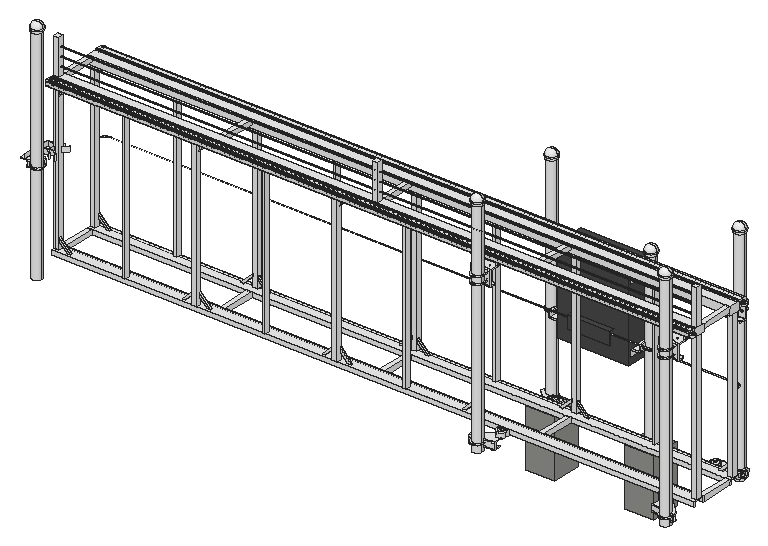
Revit family "Site-Fencing-Tymetal_Corp-Box_Frame_Cantilever_Slide_Gate-Chain_Link-TYM-VS2-1", category Site, Revit 2015 (continued)
Definition of nested family "Fence - Catch Assembly"
  Definition of nested family "Fence - Catch Plate"
    Automatic sketch dimensions
      Extrusion 1 sketch curve to Extrusion 1 sketch curve = 0' - 0.35355"  (x2)
      plane 1 "Center (Front/Back)" to Extrusion 1 sketch curve = 0' - 0.44194"
      plane 3 "Center (Left/Right)" to Extrusion 1 sketch curve = 0' - 0.00354"
      Extrusion 1 sketch curve to Extrusion 1 sketch curve = 0' - 0.17678"  (x5)
      plane 1 "Center (Front/Back)" to Extrusion 1 sketch curve = 0' - 0.66291"
      Extrusion 2 sketch curve to Extrusion 2 sketch curve = 0' - 0"  (x8)
      Extrusion 2 sketch curve to plane 5 = 0' - 0"
      Extrusion 2 sketch curve to plane 4 = 0' - 0"
      Extrusion 2 sketch curve to Extrusion 2 sketch curve = 0' - 0.37304"
      Extrusion 3 sketch curve to Extrusion 3 sketch curve = 0' - 0"  (x8)
      plane 5 to Extrusion 3 sketch curve = 0' - 0"
      plane 4 to Extrusion 3 sketch curve = 0' - 0"
      plane 3 "Center (Left/Right)" to Extrusion 4 sketch curve = 0' - 0.22627"
      plane 3 "Center (Left/Right)" to Extrusion 4 sketch curve = 0' - 0.83969"
      Extrusion 4 sketch curve to Extrusion 4 sketch curve = 0' - 0"  (x7)
      plane 1 "Center (Front/Back)" to Extrusion 4 sketch curve = 0' - 0.83969"  (x2)
      Extrusion 4 sketch curve to Extrusion 4 sketch curve = 0' - 1.32583"  (x2)
      Extrusion 4 sketch curve to Extrusion 4 sketch curve = 0' - 0.35355"  (x2)
      Extrusion 4 sketch curve to plane 3 "Center (Left/Right)" = 0' - 0.2192"
      Extrusion 4 sketch curve to Extrusion 4 sketch curve = 0' - 0.17678"  (x4)
      plane 1 "Center (Front/Back)" to Extrusion 4 sketch curve = 0' - 0.66291"
      plane 1 "Center (Front/Back)" to Extrusion 4 sketch curve = 0' - 1.01647"
      Extrusion 4 sketch curve to plane 1 "Center (Front/Back)" = 0' - 0.2192"
      plane 1 "Center (Front/Back)" to Extrusion 4 sketch curve = 0' - 0.22627"
      plane 3 "Center (Left/Right)" to Masking region 1 sketch curve = 0' - 0.14998"
      Masking region 1 sketch curve to plane 1 "Center (Front/Back)" = 0' - 0.97227"
      plane 3 "Center (Left/Right)" to Masking region 2 sketch curve = 0' - 0.30936"
      plane 3 "Center (Left/Right)" to Masking region 2 sketch curve = 0' - 0.35709"  (x2)
      Masking region 2 sketch curve to Masking region 2 sketch curve = 0' - 0.35377"
      Masking region 2 sketch curve to Masking region 2 sketch curve = 0' - 0.17656"  (x2)
      plane 1 "Center (Front/Back)" to Masking region 2 sketch curve = 0' - 0.30936"
      Masking region 2 sketch curve to Masking region 2 sketch curve = 0' - 0.17678"  (x4)
      plane 1 "Center (Front/Back)" to Masking region 2 sketch curve = 0' - 0.66313"
      Masking region 2 sketch curve to Masking region 2 sketch curve = 0' - 0.62225"
      Masking region 2 sketch curve to Masking region 2 sketch curve = 0' - 0.177"  (x2)
      plane 3 "Center (Left/Right)" to Masking region 2 sketch curve = 0' - 0.00354"
      Masking region 2 sketch curve to Masking region 2 sketch curve = 0' - 0"  (x7)
      plane 1 "Center (Front/Back)" to Masking region 2 sketch curve = 0' - 1.01647"
      Extrusion 1 sketch curve to plane 3 "Center (Left/Right)" = 0' - 0.44194"
      Extrusion 1 sketch curve to plane 1 "Center (Front/Back)" = 0' - 0.2045"
      plane 5 to Extrusion 2 sketch curve = 0' - 0 3/8"
      Extrusion 2 sketch curve to Extrusion 2 sketch curve = 0' - 0 1/8"  (x2)
      Extrusion 2 sketch curve to Extrusion 2 sketch curve = 0' - 0 3/8"
      plane 5 to Extrusion 3 sketch curve = 0' - 0 3/8"
      Extrusion 3 sketch curve to Extrusion 3 sketch curve = 0' - 0 1/8"  (x2)
      Extrusion 3 sketch curve to Extrusion 3 sketch curve = 0' - 0 3/8"
      Extrusion 3 sketch curve to Extrusion 3 sketch curve = 0' - 0.3803"
      Extrusion 4 sketch curve to Extrusion 4 sketch curve = 0' - 0.22274"  (x2)
      Masking region 2 sketch curve to Masking region 2 sketch curve = 0' - 1.28163"
      Extrusion 1 sketch curve to Extrusion 1 sketch curve = 0' - 1.37356"
      Extrusion 4 sketch curve to Extrusion 4 sketch curve = 0' - 1.28163"
      plane 1 "Center (Front/Back)" to Masking region 2 sketch curve = 0' - 1.98874"
      Extrusion 1 sketch curve to Extrusion 1 sketch curve = 0' - 1.2687"
      Extrusion 1 sketch curve to plane 1 "Center (Front/Back)" = 0' - 0.44194"
      Extrusion 1 sketch curve to Extrusion 1 sketch curve = 0' - 1.28163"
      Extrusion 4 sketch curve to plane 1 "Center (Front/Back)" = 0' - 0.44194"
      plane 3 "Center (Left/Right)" to Masking region 2 sketch curve = 0' - 1.98874"
      Masking region 2 sketch curve to plane 1 "Center (Front/Back)" = 0' - 0.2045"
      Masking region 2 sketch curve to plane 3 "Center (Left/Right)" = 0' - 0.97227"
      Masking region 1 sketch curve to plane 3 "Center (Left/Right)" = 0' - 0.97227"
      Masking region 2 sketch curve to Masking region 2 sketch curve = 0' - 0.35355"
      Masking region 2 sketch curve to Masking region 2 sketch curve = 0' - 0 1/2"  (x3)
      plane 1 "Center (Front/Back)" to Masking region 2 sketch curve = 0' - 0.44194"
      Masking region 2 sketch curve to plane 1 "Center (Front/Back)" = 0' - 0.05806"
      Masking region 1 sketch curve to plane 1 "Center (Front/Back)" = 0' - 0.05806"
      Masking region 1 sketch curve to Masking region 1 sketch curve = 0' - 1.97581"
      plane 9 to Masking region 1 sketch curve = 0' - 0"
      plane 13 to Masking region 1 sketch curve = 0' - 0.88236"
      Masking region 2 sketch curve to Masking region 2 sketch curve = 0' - 1.2687"
  Definition of nested family "Fence - Post Bracket"
    Parameters
      Extension Length = 0' - 3"
      Bottom Guide Material = none
    Reference planes (in)
      plane 1 "Center (Front/Back)": y = 0
      plane 2: z = 0
      plane 3 "Center (Left/Right)": x = 0
    Forms (in)
      Sweep 1, solid, material <- "Bottom Guide Material", detail levels medium+fine
        path origin (0, 0, 0) x (1, 0, 0) y (0, 1, 0)
          loop
            line (-2.5, 3) -> (-2.5, 0)
            arc (-2.5, 0) -> (0, -2.5) -> (2.5, 0) r 2.5
            line (2.5, 0) -> (2.5, 3)
        profile origin (0, -2.5, 0) x (0, 1, 0) y (0, 0, 1)
          loop
            circle (0.25, 0) r 0.25
    Lines and regions (in)
      Masking region 1, detail levels medium+fine
        outline origin (0, 0, 0) x (1, 0, 0) y (0, 1, 0)
          loop
            line (-2.5, 3) -> (-2.5, 0)
            arc (-2.5, 0) -> (0, -2.5) -> (2.5, 0) r 2.5
            line (2.5, 0) -> (2.5, 3) -> (2, 3) -> (2, 0)
            arc (2, 0) -> (0, -2) -> (-2, 0) r 2
            line (-2, 0) -> (-2, 3) -> (-2.5, 3)
    Dimensions and locks (in)
      "Extension Length": plane 1 "Center (Front/Back)" to Sweep 1 sketch curve  (x2)
      locked: Masking region 1 sketch curve to Masking region 1 sketch curve at 0.5  (x2)
      aligned and locked: Masking region 1 sketch curve to Sweep 1  (x2)
    Automatic sketch dimensions
      Sweep 1 sketch curve to level = 0' - 0"
      Sweep 1 sketch curve to profile plane = 0' - 0 1/4"
      Masking region 1 sketch curve to Masking region 1 sketch curve = 0' - 0"
      plane 1 "Center (Front/Back)" to Masking region 1 sketch curve = 0' - 0"
      Masking region 1 sketch curve to plane 3 "Center (Left/Right)" = 0' - 0"
      Masking region 1 sketch curve to plane 3 "Center (Left/Right)" = 0' - 2"
      plane 1 "Center (Front/Back)" to Sweep 1 sketch curve = 0' - 0"
      Sweep 1 sketch curve to plane 3 "Center (Left/Right)" = 0' - 0"
      Sweep 1 sketch curve to plane 3 "Center (Left/Right)" = 0' - 2 1/2"
      radius of Sweep 1 sketch curve = 0' - 0 1/4"
  Definition of nested family "Fence - Assembly Latch"
    Parameters
      Post Radius = 0' - 2"
      Catch Assembly Finish = none
    Reference planes (in)
      plane 1 "Center (Front/Back)": y = 0
      plane 2: z = 0
      plane 3 "Center (Left/Right)": x = 0
      plane 4: z = 1.375
      plane 5: z = -1.375
      plane 6: y = 1.68749
      plane 7: y = -1.68749
      plane 8: x = 2.01605
    Forms (in)
      Extrusion 1, solid, material <- "Catch Assembly Finish", detail levels medium+fine
        sketch origin (0, 7.24613, 0) x (1, 0, 0) y (0, 1, 0)
          loop
            line (-2.14946, -3.49665) -> (-0.16054, -5.48551)
            arc (-0.16054, -5.48551) -> (-0.07946, -5.53963) -> (0.01615, -5.55863) r 0.25003
            line (0.01615, -5.55863) -> (2.01605, -5.55863) -> (2.01605, -8.93362) -> (-0.00593, -8.93362)
            arc (-0.00593, -8.93362) -> (-0.10155, -8.95262) -> (-0.18263, -9.00676) r 0.25
            line (-0.18263, -9.00676) -> (-2.17145, -10.99558) -> (-1.99467, -11.17235) -> (-0.00593, -9.18362) -> (2.01607, -9.18362)
            arc (2.01607, -9.18362) -> (2.19285, -9.1104) -> (2.26608, -8.93361) r 0.25001
            line (2.26608, -8.93361) -> (2.26608, -5.5586)
            arc (2.26608, -5.5586) -> (2.19286, -5.38185) -> (2.0161, -5.30863) r 0.24997
            line (2.0161, -5.30863) -> (0.01605, -5.30863) -> (-1.97269, -3.31988) -> (-2.14946, -3.49665)
        from 1.375 to 3.37491
    Lines and regions (in)
      Masking region 1, detail levels coarse
        outline origin (0, 7.24613, 0) x (1, 0, 0) y (0, 1, 0)
          loop
            line (-2.14946, -3.49665) -> (-0.08748, -5.55863) -> (2.01605, -5.55863) -> (2.01605, -8.93362) -> (-0.10949, -8.93362) -> (-2.17145, -10.99558) -> (-1.99467, -11.17235) -> (-0.00594, -9.18362) -> (2.26608, -9.18362) -> (2.26608, -5.30863) -> (0.01612, -5.30863) -> (-1.97266, -3.31985) -> (-2.14946, -3.49665)
      Masking region 2, detail levels medium+fine
        outline origin (0, 7.24613, 0) x (1, 0, 0) y (0, 1, 0)
          loop
            line (-2.14943, -3.49662) -> (-0.16065, -5.4854)
            arc (-0.16065, -5.4854) -> (-0.07953, -5.5396) -> (0.01615, -5.55863) r 0.25003
            line (0.01615, -5.55863) -> (2.01605, -5.55863) -> (2.01605, -8.93362) -> (-0.00593, -8.93362)
            arc (-0.00593, -8.93362) -> (-0.1016, -8.95265) -> (-0.18271, -9.00684) r 0.25
            line (-0.18271, -9.00684) -> (-2.17145, -10.99558) -> (-1.99467, -11.17236) -> (-0.00593, -9.18362) -> (2.01607, -9.18362)
            arc (2.01607, -9.18362) -> (2.19285, -9.1104) -> (2.26608, -8.93361) r 0.25001
            line (2.26608, -8.93361) -> (2.26608, -5.5586)
            arc (2.26608, -5.5586) -> (2.19286, -5.38185) -> (2.0161, -5.30863) r 0.24997
            line (2.0161, -5.30863) -> (0.01605, -5.30863) -> (-1.97269, -3.31989) -> (-2.14943, -3.49662)
    Dimensions and locks (in)
      equal spacing: plane 4, level, plane 5
      locked: plane 4 to plane 5 at 2.75
    Automatic sketch dimensions
      Extrusion 1 sketch curve to plane 3 "Center (Left/Right)" = 0' - 2.17145"
      Extrusion 1 sketch curve to plane 3 "Center (Left/Right)" = 0' - 2.14946"
      Extrusion 1 sketch curve to Extrusion 1 sketch curve = 0' - 0.17678"  (x4)
      Extrusion 1 sketch curve to plane 3 "Center (Left/Right)" = 0' - 0.18263"
      Extrusion 1 sketch curve to plane 3 "Center (Left/Right)" = 0' - 0.16054"
      Extrusion 1 sketch curve to plane 3 "Center (Left/Right)" = 0' - 0.00593"  (x2)
      Extrusion 1 sketch curve to Extrusion 1 sketch curve = 0' - 0"  (x4)
      plane 3 "Center (Left/Right)" to Extrusion 1 sketch curve = 0' - 0.01605"
      plane 3 "Center (Left/Right)" to Extrusion 1 sketch curve = 0' - 0.01615"
      plane 3 "Center (Left/Right)" to Extrusion 1 sketch curve = 0' - 2.01605"
      Extrusion 1 sketch curve to Extrusion 1 sketch curve = 0' - 0.00005"
      Extrusion 1 sketch curve to Extrusion 1 sketch curve = 0' - 0 1/4"
      Extrusion 1 sketch curve to Extrusion 1 sketch curve = 0' - 1.98873"
      Extrusion 1 sketch curve to Extrusion 1 sketch curve = 0' - 0.17686"
      Extrusion 1 sketch curve to Extrusion 1 sketch curve = 0' - 3.37498"
      Extrusion 1 sketch curve to Extrusion 1 sketch curve = 0' - 0.00003"  (x2)
      Extrusion 1 sketch curve to Extrusion 1 sketch curve = 0' - 0.07312"
      Extrusion 1 sketch curve to Extrusion 1 sketch curve = 0' - 1.98886"
      Masking region 1 sketch curve to Masking region 1 sketch curve = 0' - 0.25002"
      plane 3 "Center (Left/Right)" to Masking region 1 sketch curve = 0' - 0.01612"
      Masking region 1 sketch curve to plane 3 "Center (Left/Right)" = 0' - 0.00594"
      Masking region 1 sketch curve to plane 3 "Center (Left/Right)" = 0' - 0.08748"
      Masking region 1 sketch curve to plane 3 "Center (Left/Right)" = 0' - 0.10949"
      Masking region 1 sketch curve to plane 3 "Center (Left/Right)" = 0' - 1 249/256"
      Masking region 1 sketch curve to plane 3 "Center (Left/Right)" = 0' - 1.99467"
      Masking region 1 sketch curve to Masking region 1 sketch curve = 0' - 0.1768"
      Masking region 1 sketch curve to Masking region 1 sketch curve = 0' - 0.17678"  (x2)
      Masking region 1 sketch curve to Masking region 1 sketch curve = 0' - 3 3/8"
      Masking region 1 sketch curve to Masking region 1 sketch curve = 0' - 0 1/4"
      Masking region 2 sketch curve to Masking region 2 sketch curve = 0' - 0.24997"
      Masking region 2 sketch curve to Masking region 2 sketch curve = 0' - 0 1/4"
      Masking region 2 sketch curve to Masking region 2 sketch curve = 0' - 0"  (x3)
      plane 3 "Center (Left/Right)" to Masking region 2 sketch curve = 0' - 0.01615"
      Masking region 2 sketch curve to Masking region 2 sketch curve = 0' - 0.0001"
      Masking region 2 sketch curve to plane 3 "Center (Left/Right)" = 0' - 0.00593"
      Masking region 2 sketch curve to plane 3 "Center (Left/Right)" = 0' - 0.16065"
      Masking region 2 sketch curve to Masking region 2 sketch curve = 0' - 0.17678"  (x3)
      Masking region 2 sketch curve to Masking region 2 sketch curve = 0' - 3 3/8"
      Masking region 2 sketch curve to Masking region 2 sketch curve = 0' - 0.00003"
      Masking region 2 sketch curve to Masking region 2 sketch curve = 0' - 0.07323"
      Masking region 2 sketch curve to plane 3 "Center (Left/Right)" = 0' - 1.97269"
      Masking region 2 sketch curve to Masking region 2 sketch curve = 0' - 0.17674"
      Masking region 2 sketch curve to Masking region 2 sketch curve = 0' - 1.98874"
      plane 1 "Center (Front/Back)" to Extrusion 1 sketch curve = 0' - 3.92623"
      Masking region 1 sketch curve to plane 1 "Center (Front/Back)" = 0' - 3.92627"
      Masking region 1 sketch curve to Masking region 1 sketch curve = 0' - 1.99993"
      Masking region 2 sketch curve to Masking region 2 sketch curve = 0' - 1.9999"
      plane 7 to Masking region 2 sketch curve = 0' - 0"
  Definition of nested family "Fence - Catch"
    Parameters
      Catch Assembly Finish = none
    Reference planes (in)
      plane 1 "Center (Front/Back)": y = 0
      plane 2: z = 0
      plane 3 "Center (Left/Right)": x = 0
      plane 4: y = 1.25
      plane 5: y = -1.25
      plane 6: x = 4.16039
    Forms (in)
      Extrusion 1, solid, material <- "Catch Assembly Finish", detail levels medium+fine
        sketch origin (0, 7.23515, -1.375) x (1, 0, 0) y (0, 1, 0)
          loop
            line (0.03555, -5.17267) -> (3.78539, -5.17267) -> (3.78539, -9.29762) -> (0.03539, -9.29762)
            arc (0.03539, -9.29762) -> (-0.10812, -9.32617) -> (-0.22978, -9.40746) r 0.375
            line (-0.22978, -9.40746) -> (-2.04174, -11.21942) -> (-1.77657, -11.48458) -> (0.03539, -9.67262) -> (3.78542, -9.67262)
            arc (3.78542, -9.67262) -> (4.05063, -9.56277) -> (4.16048, -9.29756) r 0.37506
            line (4.16048, -9.29756) -> (4.16048, -5.17247)
            arc (4.16048, -5.17247) -> (4.05063, -4.90743) -> (3.78555, -4.79766) r 0.37492
            line (3.78555, -4.79766) -> (0.03542, -4.79766) -> (-1.77657, -2.98567) -> (-2.04169, -3.25078) -> (-0.22965, -5.06282)
            arc (-0.22965, -5.06282) -> (-0.10797, -5.14412) -> (0.03555, -5.17267) r 0.37506
        from 1.375 to 3.37491
    Lines and regions (in)
      Masking region 1, detail levels coarse
        outline origin (0, 7.23515, 0) x (1, 0, 0) y (0, 1, 0)
          loop
            line (4.16039, -4.79766) -> (0.03537, -4.79766) -> (-1.7766, -2.98569) -> (-2.04171, -3.2508) -> (-0.11984, -5.17267) -> (3.78539, -5.17267) -> (3.78539, -9.29762) -> (-0.11994, -9.29762) -> (-2.04174, -11.21942) -> (-1.77657, -11.48458) -> (0.0354, -9.67262) -> (4.16039, -9.67262) -> (4.16039, -4.79766)
      Masking region 2, detail levels medium+fine
        outline origin (0, 7.23515, 0) x (1, 0, 0) y (0, 1, 0)
          loop
            line (0.03542, -4.79766) -> (-1.77657, -2.98567) -> (-2.04169, -3.25078) -> (-0.22965, -5.06282)
            arc (-0.22965, -5.06282) -> (-0.10797, -5.14412) -> (0.03555, -5.17267) r 0.37506
            line (0.03555, -5.17267) -> (3.78539, -5.17267) -> (3.78539, -9.29762) -> (0.03539, -9.29762)
            arc (0.03539, -9.29762) -> (-0.10812, -9.32617) -> (-0.22978, -9.40746) r 0.375
            line (-0.22978, -9.40746) -> (-2.04174, -11.21942) -> (-1.77657, -11.48458) -> (0.03539, -9.67262) -> (3.78542, -9.67262)
            arc (3.78542, -9.67262) -> (4.05063, -9.56277) -> (4.16048, -9.29756) r 0.37506
            line (4.16048, -9.29756) -> (4.16048, -5.17247)
            arc (4.16048, -5.17247) -> (4.05063, -4.90743) -> (3.78555, -4.79766) r 0.37492
            line (3.78555, -4.79766) -> (0.03542, -4.79766)
  Definition of nested family "Fence - L Bracket"
    Parameters
      Catch Assembly Finish = none
    Reference planes (in)
      plane 1 "Center (Front/Back)": y = 0
      plane 2: z = 0
      plane 3 "Center (Left/Right)": x = 0
      plane 4: y = -4.875
      plane 5: y = 1.375
      plane 6: y = 3.875
      plane 7: y = 4.875
      plane 8: y = -1.375
      plane 9: y = -3.875
      plane 10: x = 1
      plane 11: x = -1
      plane 12: z = 0.99996
      plane 13: z = 0.25008
      plane 14: z = 1.99991
    Forms (in)
      Extrusion 1, solid, material <- "Catch Assembly Finish", detail levels medium+fine
        sketch origin (-5.16039, 4.79762, 0) x (1, 0, 0) y (0, 0, 1)
          loop
            line (4.53539, 0) -> (6.16039, 0) -> (6.16039, 0.25008) -> (4.53541, 0.25008)
            arc (4.53541, 0.25008) -> (4.44698, 0.2867) -> (4.41036, 0.37512) r 0.12505
            line (4.41036, 0.37512) -> (4.41036, 1.99991) -> (4.16039, 1.99991) -> (4.16039, 0.375)
            arc (4.16039, 0.375) -> (4.27022, 0.10983) -> (4.53539, 0) r 0.375
        from -0.07738 to 9.67262
    Lines and regions (in)
      Masking region 1
        outline origin (-5.16039, 4.79762, 0) x (1, 0, 0) y (0, 1, 0)
          loop
            line (4.16039, -9.67262) -> (6.16039, -9.67262) -> (6.16039, 0.07738) -> (4.16039, 0.07738) -> (4.16039, -9.67262)
      Masking region 2, detail levels medium+fine
        outline origin (-5.16039, 4.79762, -1.375) x (1, 0, 0) y (0, 1, 0)
          loop
            line (4.16039, -9.67262) -> (4.41036, -9.67262) -> (4.41036, 0.07738) -> (4.16039, 0.07738) -> (4.16039, -9.67262)
      Masking region 3, detail levels fine
        outline origin (0, 0, 0) x (1, 0, 0) y (0, 1, 0)
          loop
            arc (-0.21875, 1.375) -> (0, 1.15625) -> (0.21875, 1.375) r 0.21875
            line (0.21875, 1.375) -> (0.21875, 3.875)
            arc (0.21875, 3.875) -> (0, 4.09375) -> (-0.21875, 3.875) r 0.21875
            line (-0.21875, 3.875) -> (-0.21875, 1.375)
    Dimensions and locks (in)
      plane 7 to plane 6 to plane 5 = 0' - 1" locked, 0' - 2 1/2" locked
      equal spacing: plane 7, plane 1 "Center (Front/Back)", plane 4
      locked: plane 7 to plane 4 at 9.75
      equal spacing: plane 11, plane 3 "Center (Left/Right)", plane 10
      locked: plane 11 to plane 10 at 2
      plane 4 to plane 9 to plane 8 = 0' - 1" locked, 0' - 2 1/2" locked
      aligned and locked: plane 7 to Masking region 1
    Automatic sketch dimensions
      Masking region 1 sketch curve to plane 7 = 0' - 0"
      Masking region 1 sketch curve to plane 11 = 0' - 0"
      Masking region 1 sketch curve to plane 10 = 0' - 0"
      plane 4 to Masking region 1 sketch curve = 0' - 0"
      plane 11 to Extrusion 1 sketch curve = 0' - 0"
      Extrusion 1 sketch curve to level = 0' - 0"
      Extrusion 1 sketch curve to plane 10 = 0' - 0"
      Extrusion 1 sketch curve to plane 11 = 0' - 0.24997"
      Extrusion 1 sketch curve to Extrusion 1 sketch curve = 0' - 0.12503"
      Extrusion 1 sketch curve to Extrusion 1 sketch curve = 0' - 0"
      Extrusion 1 sketch curve to Extrusion 1 sketch curve = 0' - 0.25008"
      Masking region 2 sketch curve to plane 7 = 0' - 0"
      Masking region 2 sketch curve to plane 11 = 0' - 0"
      plane 4 to Masking region 2 sketch curve = 0' - 0"
      Masking region 2 sketch curve to Masking region 2 sketch curve = 0' - 0.24997"
      Extrusion 1 sketch curve to Extrusion 1 sketch curve = 0' - 1.62491"
      Masking region 3 sketch curve to plane 5 = 0' - 0"
      Masking region 3 sketch curve to plane 6 = 0' - 0"
      Masking region 3 sketch curve to plane 3 "Center (Left/Right)" = 0' - 0"
      Masking region 3 sketch curve to Masking region 3 sketch curve = 0' - 0 7/32"
Definition of nested family "Fence - Box Frame"
  Parameters
    Tube Ends Width = 0' - 2"
    Primary Member Width = 2' - 0"
    Drive Chain = yes
    Barb Posts [instance] = Frame Length / 8' 7 249/256"  # 3
    Barb Height = 1' - 3"
    Frame Material = none
    Frame Length [instance] = 30' - 0"
    Frame Height Above Grade = 0' - 5"
    Frame Height = 6' - 6"
    Drive Chain Height = 2' - 10"
    Barb Arms and Wires = yes
  Reference planes (in)
    plane 1 "Center (Front/Back)": y = 0
    plane 2: z = 0
    plane 3 "Center (Left/Right)": x = 131
    plane 4: x = -49
    plane 5: x = 311
    plane 6: y = -1
    plane 7: y = 1
    plane 8: z = 78
    plane 9: z = 5
    plane 10: y = 12
    plane 11: y = -12
    plane 12: z = 39
    plane 13: x = -47
    plane 14: y = 10.4834
    plane 15: y = 8.4834
    plane 16: y = -10.5
    plane 17: y = -8.5
    plane 18: z = 93
    plane 19: x = 309
    plane 20: z = 89.25
    plane 21: z = 85.5
    plane 22: z = 81.75
    plane 23 "Wires": y = 9.4834
    plane 24: y = 7
    plane 25: y = -7
  Forms (in)
    Extrusion 1, solid, material <- "Frame Material"
      sketch origin (0, 0, 0) x (1, 0, 0) y (0, 0, 1)
        loop
          line (-49, 74.8125) -> (-49, 7) -> (-47, 7) -> (-47, 74.8125) -> (-49, 74.8125)
        loop
          line (311, 74.8125) -> (309, 74.8125) -> (309, 7) -> (311, 7) -> (311, 74.8125)
      from -10.4834 to -8.4834
    Extrusion 2, solid, material <- "Frame Material", detail levels coarse
      sketch origin (131, 0, 0) x (0, 1, 0) y (0, 0, 1)
        loop
          line (12, 5) -> (12, 7) -> (7, 7) -> (7, 5) -> (12, 5)
        loop
          line (-12, 7) -> (-12, 5) -> (-7, 5) -> (-7, 7) -> (-12, 7)
        loop
          line (12, 74.8125) -> (12, 78) -> (7, 78) -> (7, 74.8125) -> (12, 74.8125)
        loop
          line (-7, 78) -> (-12, 78) -> (-12, 74.8125) -> (-7, 74.8125) -> (-7, 78)
      from -180 to 180
    Extrusion 3, solid, material <- "Frame Material", detail levels medium+fine
      sketch origin (131, 0, 0) x (0, 1, 0) y (0, 0, 1)
        loop
          line (12, 78) -> (7, 78) -> (7, 74.8125) -> (12, 74.8125) -> (12, 75.718) -> (11.875, 75.718) -> (11.875, 76.156) -> (12, 76.156) -> (12, 78)
        loop
          line (12, 7) -> (7, 7) -> (7, 5) -> (7.20658, 5) -> (7.49397, 6.8125) -> (11.50603, 6.8125) -> (11.79342, 5) -> (12, 5) -> (12, 7)
        loop
          line (-12, 7) -> (-12, 5) -> (-11.79342, 5) -> (-11.50603, 6.8125) -> (-7.49397, 6.8125) -> (-7.20658, 5) -> (-7, 5) -> (-7, 7) -> (-12, 7)
        loop
          line (-12, 78) -> (-12, 76.156) -> (-11.875, 76.156) -> (-11.875, 75.718) -> (-12, 75.718) -> (-12, 74.8125) -> (-7, 74.8125) -> (-7, 78) -> (-12, 78)
      from -180 to 180
    Extrusion 4, solid, material <- "Frame Material"
      sketch origin (0, 0, 0) x (1, 0, 0) y (0, 0, 1)
        loop
          line (309, 74.8125) -> (309, 7) -> (311, 7) -> (311, 74.8125) -> (309, 74.8125)
        loop
          line (-49, 74.8125) -> (-49, 7) -> (-47, 7) -> (-47, 74.8125) -> (-49, 74.8125)
      from 8.5 to 10.5
    Sweep 5, solid, material <- "Frame Material", visible <- "Drive Chain", detail levels medium+fine
      path origin (0, 0, 0) x (1, 0, 0) y (0, 1, 0)
        loop
          line (-48, -10.5) -> (-48, -12.375)
          arc (-48, -12.375) -> (-47.42818, -13.75551) -> (-46.04767, -14.32733) r 1.95233
          line (-46.04767, -14.32733) -> (308.04767, -14.32733)
          arc (308.04767, -14.32733) -> (309.42818, -13.75551) -> (310, -12.375) r 1.95233
          line (310, -12.375) -> (310, -10.5)
      profile origin (131, -14.32733, 0) x (0, 1, 0) y (0, 0, 1)
        loop
          line (0, 39) -> (-0.125, 39) -> (-0.125, 38.93085) -> (0, 38.93085) -> (0, 39)
    Extrusion 6, solid, material <- "Frame Material", detail levels medium+fine
      sketch origin (131, 0, 0) x (0, 1, 0) y (0, 0, 1)
        loop
          line (7, 78) -> (-7, 78) -> (-7, 76) -> (7, 76) -> (7, 78)
        loop
          line (7, 5) -> (7, 7) -> (-7, 7) -> (-7, 5) -> (7, 5)
      from 178 to 180
    Extrusion 7, solid, material <- "Frame Material", detail levels medium+fine
      sketch origin (86, 0, 0) x (0, 1, 0) y (0, 0, -1)
        loop
          line (7, -78) -> (7, -76) -> (-7, -76) -> (-7, -78) -> (7, -78)
        loop
          line (7, -5) -> (-7, -5) -> (-7, -7) -> (7, -7) -> (7, -5)
      from 133 to 135
    Extrusion 8, solid, material <- "Frame Material", visible <- "Barb Arms and Wires", detail levels medium+fine
      sketch origin (131, 0, 0) x (0, 1, 0) y (0, 0, 1)
        loop
          circle (9.4834, 89.25) r 0.25
        loop
          circle (9.4834, 85.5) r 0.25
        loop
          circle (9.4834, 81.75) r 0.25
      from -178 to 178
  Lines and regions (in)
    Masking region 1
      outline origin (0, 0, 0) x (1, 0, 0) y (0, 1, 0)
        loop
          line (311, 12) -> (-49, 12) -> (-49, 7) -> (311, 7) -> (311, 12)
        loop
          line (311, -7) -> (-49, -7) -> (-49, -12) -> (311, -12) -> (311, -7)
    Masking region 2
      outline origin (0, 0, 0) x (1, 0, 0) y (0, 1, 0)
        loop
          line (-49, 7) -> (-49, -7) -> (-47, -7) -> (-47, 7) -> (-49, 7)
        loop
          line (309, 7) -> (309, -7) -> (311, -7) -> (311, 7) -> (309, 7)
    model lines, visible <- "Barb Arms and Wires", detail levels coarse
      curve 1: line (-47, 9.4834, 89.25) -> (309, 9.4834, 89.25)
      curve 2: line (-47, 9.4834, 85.5) -> (309, 9.4834, 85.5)
      curve 3: line (-47, 9.4834, 81.75) -> (309, 9.4834, 81.75)
  Dimensions and locks (in)
    equal spacing: plane 4, plane 3 "Center (Left/Right)", plane 5
    "Frame Length": plane 4 to plane 5
    equal spacing: plane 7, plane 1 "Center (Front/Back)", plane 6
    "Tube Ends Width": plane 7 to plane 6
    "Frame Height Above Grade": plane 9 to level
    "Tube Ends Width": Extrusion 1 sketch curve to plane 4
    "Tube Ends Width": plane 5 to Extrusion 1 sketch curve
    equal spacing: plane 11, plane 1 "Center (Front/Back)", plane 10
    "Primary Member Width": plane 11 to plane 10
    "Drive Chain Height": plane 12 to plane 9
    locked: plane 4 to plane 13 at 2
    plane 10 to plane 14 to plane 15 = 0' - 1.5166" locked, 0' - 2" locked
    plane 17 to plane 16 to plane 11 = 0' - 2" locked, 0' - 1 1/2" locked
    "Frame Height": plane 8 to level
    Sweep 5 sketch curve to Sweep 5 sketch curve to Sweep 5 sketch curve to plane 11 = 0' - 1.95233" locked, 0' - 0" locked, 0' - 0 3/8" locked
    Sweep 5 sketch curve to Sweep 5 sketch curve to plane 5 = 0' - 1.95233" locked, 0' - 1" locked
    plane 4 to Sweep 5 sketch curve to Sweep 5 sketch curve = 0' - 1" locked, 0' - 1.95233" locked
    locked: plane 12 to Sweep 5 sketch curve at 0.06915
    locked: profile plane to Sweep 5 sketch curve at 0.125
    "Barb Height": plane 18 to plane 8
    locked: plane 19 to plane 5 at 2
    locked: plane 8 to Extrusion 3 sketch curve at 3.1875
    Extrusion 3 sketch curve to Extrusion 3 sketch curve to plane 9 = 0' - 0 3/16" locked, 0' - 1 13/16" locked
    locked: Extrusion 2 sketch curve to plane 9 at 2
    locked: plane 8 to Extrusion 6 sketch curve at 2
    locked: plane 8 to Extrusion 7 sketch curve at 2
    equal spacing: plane 18, plane 20, plane 21, plane 22, plane 8
    equal spacing: plane 14, plane 23 "Wires", plane 15
    equal spacing: group 1, group 3, group 2  (x3)
    locked: plane 24 to plane 10 at 5
    locked: plane 11 to plane 25 at 5
    plane 10 to Extrusion 3 sketch curve to Extrusion 3 sketch curve = 0' - 0.20658" locked, 0' - 0.28739" locked
    Extrusion 3 sketch curve to Extrusion 3 sketch curve to plane 24 = 0' - 0.28739" locked, 0' - 0.20658" locked
    plane 25 to Extrusion 3 sketch curve to Extrusion 3 sketch curve = 0' - 0.20658" locked, 0' - 0.28739" locked
    Extrusion 3 sketch curve to Extrusion 3 sketch curve to plane 11 = 0' - 0.28739" locked, 0' - 0.20658" locked
    aligned and locked: plane 9 to Extrusion 2 sketch curve
    aligned and locked: plane 10 to Extrusion 2 sketch curve
    aligned and locked: plane 11 to Extrusion 2 sketch curve
    aligned and locked: plane 10 to Extrusion 3 sketch curve
    aligned and locked: plane 5 to Extrusion 3
    aligned and locked: plane 5 to Extrusion 2
    aligned and locked: plane 4 to nested 1
    aligned and locked: plane 5 to nested 1
    aligned and locked: plane 8 to nested 1
    aligned and locked: plane 10 to nested 1
    aligned and locked: nested 2 to plane 8
    aligned and locked: plane 11 to nested 2
    aligned and locked: nested 2 to plane 4
    aligned and locked: nested 2 to plane 5
    aligned and locked: Extrusion 3 sketch curve to plane 8  (x2)
    aligned and locked: plane 15 to Extrusion 1
    aligned and locked: Extrusion 1 to plane 14
    aligned and locked: Extrusion 4 sketch curve to Extrusion 1  (x8)
    aligned and locked: plane 16 to Extrusion 4
    aligned and locked: Extrusion 4 to plane 17
    aligned and locked: Sweep 5 sketch curve to plane 12
    aligned and locked: Extrusion 3 to plane 4
    aligned and locked: Extrusion 3 sketch curve to Extrusion 3 sketch curve  (x3)
    aligned and locked: Extrusion 3 sketch curve to plane 9  (x4)
    aligned and locked: Extrusion 2 sketch curve to plane 9
    aligned and locked: Extrusion 2 sketch curve to Extrusion 2 sketch curve  (x2)
    aligned and locked: plane 8 to Extrusion 2 sketch curve  (x2)
    aligned and locked: Extrusion 2 to plane 4
    aligned and locked: Extrusion 2 to Extrusion 6 sketch curve  (x3)
    aligned and locked: Extrusion 6 sketch curve to Extrusion 2  (x4)
    aligned and locked: plane 5 to Extrusion 6
    aligned and locked: Extrusion 1 to Extrusion 6
    aligned and locked: Extrusion 7 to plane 4
    aligned and locked: plane 13 to Extrusion 7
    aligned and locked: Extrusion 7 sketch curve to Extrusion 3  (x2)
    aligned and locked: Extrusion 7 sketch curve to plane 9
    aligned and locked: Extrusion 7 sketch curve to plane 8
    aligned and locked: Extrusion 3 to Extrusion 7 sketch curve
    aligned and locked: Masking region 1 sketch curve to plane 10
    aligned and locked: Masking region 1 sketch curve to plane 11
    aligned and locked: Masking region 1 sketch curve to plane 4  (x2)
    aligned and locked: Masking region 1 sketch curve to plane 5  (x2)
    aligned and locked: Extrusion 7 to Masking region 2 sketch curve  (x2)
    aligned and locked: Masking region 2 sketch curve to Extrusion 7
    aligned and locked: Extrusion 6 to Masking region 2 sketch curve  (x2)
    aligned and locked: Masking region 2 sketch curve to Extrusion 6
    aligned and locked: plane 20 to Extrusion 8 sketch curve
    aligned and locked: plane 23 "Wires" to Extrusion 8 sketch curve  (x3)
    aligned and locked: plane 22 to Extrusion 8 sketch curve
    aligned and locked: plane 21 to Extrusion 8 sketch curve
    aligned and locked: Extrusion 8 to plane 13
    aligned and locked: plane 19 to Extrusion 8
    aligned and locked: nested 3 to plane 8
    aligned and locked: nested 3 to plane 23 "Wires"
    aligned and locked: nested 3 to plane 4
    aligned and locked: plane 5 to nested 4  (x2)
    aligned and locked: plane 8 to nested 4
    aligned and locked: nested 4 to plane 23 "Wires"
    aligned and locked: curve 1 to plane 20
    aligned and locked: curve 2 to plane 21
    aligned and locked: curve 3 to plane 22
    aligned and locked: plane 13 to curve 1
    aligned and locked: plane 13 to curve 2
    aligned and locked: plane 13 to curve 3
    aligned and locked: plane 19 to curve 1
    aligned and locked: plane 19 to curve 2
    aligned and locked: plane 19 to curve 3
    aligned and locked: Masking region 2 sketch curve to Extrusion 3  (x2)
    aligned and locked: plane 24 to Masking region 1 sketch curve
    aligned and locked: Masking region 1 sketch curve to plane 25
    aligned and locked: plane 24 to Extrusion 3 sketch curve
    aligned and locked: plane 25 to Extrusion 3 sketch curve
    aligned and locked: Extrusion 3 sketch curve to plane 24
    aligned and locked: Extrusion 3 sketch curve to plane 10
    aligned and locked: Extrusion 3 sketch curve to plane 25
    aligned and locked: Extrusion 3 sketch curve to plane 11
  Automatic sketch dimensions
    Extrusion 2 sketch curve to plane 11 = 0' - 0"
    Extrusion 2 sketch curve to plane 10 = 0' - 0"
    Extrusion 2 sketch curve to plane 17 = 0' - 1 1/2"
    plane 15 to Extrusion 2 sketch curve = 0' - 1.4834"
    Extrusion 2 sketch curve to Extrusion 2 sketch curve = 0' - 3 3/16"
    Extrusion 3 sketch curve to plane 11 = 0' - 0"  (x2)
    Extrusion 3 sketch curve to plane 10 = 0' - 0"
    Extrusion 3 sketch curve to Extrusion 3 sketch curve = 0' - 0 1/8"
    plane 10 to Extrusion 3 sketch curve = 0' - 0 1/8"
    Extrusion 3 sketch curve to Extrusion 3 sketch curve = 0' - 0.9055"  (x2)
    Extrusion 3 sketch curve to Extrusion 3 sketch curve = 0' - 0.438"  (x2)
    plane 16 to Sweep 5 sketch curve = 0' - 0"  (x2)
    Sweep 5 sketch curve to profile plane = 0' - 0"
    Extrusion 2 sketch curve to plane 25 = 0' - 0"
    Extrusion 7 sketch curve to plane 25 = 0' - 0"
    Extrusion 2 sketch curve to plane 24 = 0' - 0"
    Extrusion 7 sketch curve to plane 24 = 0' - 0"
    Extrusion 1 sketch curve to plane 4 = 0' - 0"
    Extrusion 1 sketch curve to plane 5 = 0' - 0"
    plane 9 to Extrusion 1 sketch curve = 0' - 2"  (x2)
    Extrusion 1 sketch curve to plane 8 = 0' - 3 3/16"  (x2)
    radius of Extrusion 8 sketch curve = 0' - 0 1/4"  (x3)
  Nested families (in)
    nested 1: "Fence - Track" at (131, 13.125, 78), type "Fence - Track"
      with Length 30' - 0"
    nested 2: "Fence - Track" at (131, -13.125, 78), type "Fence - Track"
      with Length 30' - 0"
    nested 3: "Fence - Barb Post" at (-48, 9.4834, 78), visible <- "Barb Arms and Wires", type "Fence - Barb Post"
      with Barb Height 1' - 3"
    nested 4: "Fence - Barb Post" at (310, 9.4834, 78), visible <- "Barb Arms and Wires", type "Fence - Barb Post"
      with Barb Height 1' - 3"
    nested 5: "Fence - Barb Post" at (131, 9.4834, 78), visible <- "Barb Arms and Wires", type "Fence - Barb Post"
      with Barb Height 1' - 3"
  Definition of nested family "Fence - Track"
    Parameters
      Track Material = none
      Length [instance] = 2' - 0"
    Reference planes (in)
      plane 1 "Center (Front/Back)": y = 0
      plane 2: z = 0
      plane 3 "Center (Left/Right)": x = 0
      plane 4: z = -3
      plane 5: y = -1.875
      plane 6: y = 1.875
      plane 7: z = 0.3125
      plane 8: z = -1.34375
      plane 9: y = -1.125
      plane 10: z = -1.75
      plane 11: y = 0.375
      plane 12: x = -12
      plane 13: x = 12
    Forms (in)
      Extrusion 1, solid, material <- "Track Material", detail levels coarse
        sketch origin (0, 0, 0) x (0, 1, 0) y (0, 0, 1)
          loop
            line (1.875, 0.3125) -> (-1.875, 0.3125) -> (-1.875, 0) -> (-1.125, 0) -> (-1.125, -3) -> (-0.937, -3) -> (-0.937, -2) -> (-0.3125, -2) -> (-0.3125, -1.75) -> (-0.937, -1.75) -> (-0.937, -0.094) -> (1.563, -0.094) -> (1.563, -1.75) -> (0.9375, -1.75) -> (0.9375, -2) -> (1.875, -2) -> (1.875, 0.3125)
        from -12 to 12
      Extrusion 2, solid, material <- "Track Material", detail levels medium+fine
        sketch origin (0, 0, 0) x (0, 1, 0) y (0, 0, 1)
          loop
            arc (1.875, 0.062) -> (1.83839, 0.15039) -> (1.75, 0.187) r 0.125
            line (1.75, 0.187) -> (1.10832, 0.187) -> (1.03615, 0.312) -> (-1.0272, 0.312) -> (-1.063, 0.25) -> (-1.687, 0.25)
            arc (-1.687, 0.25) -> (-1.81994, 0.19494) -> (-1.875, 0.062) r 0.188
            line (-1.875, 0.062) -> (-1.875, 0) -> (-1.125, 0) -> (-1.125, -0.25) -> (-1.063, -0.312) -> (-1.063, -0.813) -> (-1.125, -0.875) -> (-1.125, -1) -> (-1.063, -1.062) -> (-1.063, -1.438) -> (-1.125, -1.5) -> (-1.125, -1.844) -> (-1.25, -1.844) -> (-1.25, -2.282) -> (-1.125, -2.282) -> (-1.125, -3) -> (-1.062, -3)
            arc (-1.062, -3) -> (-0.97361, -2.96339) -> (-0.937, -2.875) r 0.125
            line (-0.937, -2.875) -> (-0.937, -2.34871)
            arc (-0.937, -2.34871) -> (-0.89692, -2.21293) -> (-0.78952, -2.12069) r 0.25
            line (-0.78952, -2.12069) -> (-0.312, -1.906) -> (-0.312, -1.781) -> (-0.875, -1.781)
            arc (-0.875, -1.781) -> (-0.91884, -1.76284) -> (-0.937, -1.719) r 0.062
            line (-0.937, -1.719) -> (-0.937, -0.156)
            arc (-0.937, -0.156) -> (-0.91884, -0.11216) -> (-0.875, -0.094) r 0.062
            line (-0.875, -0.094) -> (-0.312, -0.094) -> (-0.22193, 0.062) -> (0.84793, 0.062) -> (0.938, -0.094) -> (1.501, -0.094)
            arc (1.501, -0.094) -> (1.54484, -0.11216) -> (1.563, -0.156) r 0.062
            line (1.563, -0.156) -> (1.563, -1.719)
            arc (1.563, -1.719) -> (1.54484, -1.76284) -> (1.501, -1.781) r 0.062
            line (1.501, -1.781) -> (0.938, -1.781) -> (0.938, -1.906) -> (1.313, -2) -> (1.625, -2)
            arc (1.625, -2) -> (1.7098, -1.96684) -> (1.7496, -1.88494) r 0.125
            line (1.7496, -1.88494) -> (1.875, -0.313) -> (1.875, 0.062)
        from -12 to 12
    Lines and regions (in)
      Masking region 1
        outline origin (0, 0, 0) x (1, 0, 0) y (0, 1, 0)
          loop
            line (-12, 1.875) -> (-12, -1.875) -> (12, -1.875) -> (12, 1.875) -> (-12, 1.875)
    Dimensions and locks (in)
      equal spacing: plane 6, plane 1 "Center (Front/Back)", plane 5
      locked: plane 6 to plane 5 at 3.75
      equal spacing: plane 7, plane 8, plane 4
      locked: plane 7 to plane 4 at 3.3125
      locked: plane 7 to level at 0.3125
      locked: plane 9 to plane 5 at 0.75
      locked: plane 10 to plane 4 at 1.25
      equal spacing: plane 6, plane 11, plane 9
      equal spacing: plane 12, plane 3 "Center (Left/Right)", plane 13
      "Length": plane 12 to plane 13
      aligned and locked: plane 6 to Extrusion 1 sketch curve
      aligned and locked: plane 7 to Extrusion 1 sketch curve
      aligned and locked: plane 5 to Extrusion 1 sketch curve
      aligned and locked: level to Extrusion 1 sketch curve
      aligned and locked: plane 9 to Extrusion 1 sketch curve
      aligned and locked: plane 4 to Extrusion 1 sketch curve
      aligned and locked: plane 10 to Extrusion 1 sketch curve
      aligned and locked: plane 13 to Extrusion 2
      aligned and locked: Extrusion 2 to plane 12
      aligned and locked: Extrusion 1 to Extrusion 2  (x2)
      aligned and locked: Masking region 1 sketch curve to Extrusion 1  (x4)
    Automatic sketch dimensions
      Extrusion 1 sketch curve to plane 10 = 0' - 0"
      Extrusion 1 sketch curve to plane 9 = 0' - 0.188"  (x2)
      plane 1 "Center (Front/Back)" to Extrusion 1 sketch curve = 0' - 0 5/16"
      Extrusion 1 sketch curve to plane 11 = 0' - 0 9/16"
      plane 6 to Extrusion 1 sketch curve = 0' - 0.312"
      Extrusion 1 sketch curve to Extrusion 1 sketch curve = 0' - 0 1/4"
      Extrusion 2 sketch curve to level = 0' - 0"
      Extrusion 2 sketch curve to plane 5 = 0' - 0"
      Extrusion 2 sketch curve to plane 9 = 0' - 0"  (x4)
      Extrusion 2 sketch curve to plane 4 = 0' - 0"
      Extrusion 2 sketch curve to plane 6 = 0' - 0"
      level to Extrusion 2 sketch curve = 0' - 0.062"  (x3)
      Extrusion 2 sketch curve to plane 5 = 0' - 0.188"
      Extrusion 2 sketch curve to Extrusion 2 sketch curve = 0' - 0 1/8"  (x3)
      Extrusion 2 sketch curve to plane 9 = 0' - 0.062"  (x3)
      Extrusion 2 sketch curve to plane 9 = 0' - 0.063"
      Extrusion 2 sketch curve to plane 7 = 0' - 0.0005"
      Extrusion 2 sketch curve to Extrusion 2 sketch curve = 0' - 0.0358"
      Extrusion 2 sketch curve to plane 9 = 0' - 0.188"  (x2)
      Extrusion 2 sketch curve to Extrusion 2 sketch curve = 0' - 0.062"  (x7)
      Extrusion 2 sketch curve to Extrusion 2 sketch curve = 0' - 0.14748"
      Extrusion 2 sketch curve to Extrusion 2 sketch curve = 0' - 0 1/4"
      plane 1 "Center (Front/Back)" to Extrusion 2 sketch curve = 0' - 0.312"  (x2)
      Extrusion 2 sketch curve to level = 0' - 0.094"  (x2)
      Extrusion 2 sketch curve to Extrusion 2 sketch curve = 0' - 0.09007"  (x2)
      Extrusion 2 sketch curve to plane 1 "Center (Front/Back)" = 0' - 0.84793"
      Extrusion 2 sketch curve to plane 8 = 0' - 0.43725"
      plane 6 to Extrusion 2 sketch curve = 0' - 0.937"
      Extrusion 2 sketch curve to Extrusion 2 sketch curve = 0' - 0.18822"
      Extrusion 2 sketch curve to Extrusion 2 sketch curve = 0' - 0.07217"
      Extrusion 2 sketch curve to Extrusion 2 sketch curve = 0' - 0 3/8"
      Extrusion 2 sketch curve to level = 0' - 0.156"
      plane 6 to Extrusion 2 sketch curve = 0' - 0.374"
      plane 6 to Extrusion 2 sketch curve = 0' - 0 1/4"
      Extrusion 2 sketch curve to Extrusion 2 sketch curve = 0' - 0.1246"
      plane 6 to Extrusion 2 sketch curve = 0' - 0 1/8"
      Extrusion 2 sketch curve to Extrusion 2 sketch curve = 0' - 0.52629"
      Extrusion 2 sketch curve to Extrusion 2 sketch curve = 0' - 0.06671"
      Extrusion 2 sketch curve to Extrusion 2 sketch curve = 0' - 0.219"
      Extrusion 2 sketch curve to Extrusion 2 sketch curve = 0' - 0.21469"
      Extrusion 2 sketch curve to Extrusion 2 sketch curve = 0' - 0.11506"
      Extrusion 2 sketch curve to Extrusion 2 sketch curve = 0' - 0.27669"
      Extrusion 2 sketch curve to Extrusion 2 sketch curve = 0' - 0.063"
      Extrusion 2 sketch curve to plane 8 = 0' - 0 5/32"
      plane 8 to Extrusion 2 sketch curve = 0' - 0.28175"
      Extrusion 2 sketch curve to level = 0' - 0.313"
      Extrusion 2 sketch curve to Extrusion 2 sketch curve = 0' - 0.156"
      Extrusion 1 sketch curve to level = 0' - 0.094"
      Extrusion 1 sketch curve to plane 10 = 0' - 0 1/4"
  Definition of nested family "Fence - Barb Post"
    Parameters
      Finish = none
      Barb Height = 1' - 2.1147"
    Reference planes (in)
      plane 1 "Center (Front/Back)": y = 0
      plane 2: z = 0
      plane 3 "Center (Left/Right)": x = 0
      plane 4: z = 14.1147
    Forms (in)
      Extrusion 1, solid, material <- "Finish"
        sketch origin (0, 0, 0) x (1, 0, 0) y (0, 1, 0)
          loop
            line (-1, 1) -> (-1, -1) -> (1, -1) -> (1, 1) -> (-1, 1)
        from 0 to 14.1147
    Lines and regions (in)
      Masking region 1
        outline origin (0, 0, 0) x (1, 0, 0) y (0, 1, 0)
          loop
            line (1, 1) -> (-1, 1) -> (-1, -1) -> (1, -1) -> (1, 1)
    Dimensions and locks (in)
      Extrusion 1 sketch curve to plane 1 "Center (Front/Back)" to Extrusion 1 sketch curve = 0' - 1" locked, 0' - 1" locked
      Extrusion 1 sketch curve to plane 3 "Center (Left/Right)" to Extrusion 1 sketch curve = 0' - 1" locked, 0' - 1" locked
      "Barb Height": plane 4 to level
      aligned and locked: Masking region 1 sketch curve to Extrusion 1  (x4)
      aligned and locked: plane 4 to Extrusion 1
      aligned and locked: Extrusion 1 to level
Definition of nested family "Fence - 2x2"
  Parameters
    Picket Material = none
    Height Above Grade = 0' - 5"
    Nominal Gate Height = 7' - 11 11/16"
    Frame Height = 0' - 2 19/256"  # constant formula
    Barb Height = 0' - 6"
  Reference planes (in)
    plane 1 "Center (Front/Back)": y = 0
    plane 2: z = 0
    plane 3 "Center (Left/Right)": x = 0
    plane 4: x = -1
    plane 5: x = 1
    plane 6: y = 0.5
    plane 7: y = -0.5
    plane 8: z = 101.6875
    plane 9: z = 5
    plane 10: z = 95.6875
    plane 11: y = 1
    plane 12: y = -1
    plane 13: z = 7
    plane 14: z = 46
    plane 15: z = 93.61328
  Forms (in)
    Extrusion 1, solid, material <- "Picket Material"
      sketch origin (0, 0, 0) x (1, 0, 0) y (0, 1, 0)
        loop
          line (-1, 1) -> (-1, -1) -> (1, -1) -> (1, 1) -> (-1, 1)
      from 7 to 93.61328
  Lines and regions (in)
    Masking region 1
      outline origin (0, 0, 0) x (1, 0, 0) y (0, 1, 0)
        loop
          line (-1, 1) -> (-1, -1) -> (1, -1) -> (1, 1) -> (-1, 1)
  Dimensions and locks (in)
    equal spacing: plane 4, plane 3 "Center (Left/Right)", plane 5
    locked: plane 4 to plane 5 at 2
    "Height Above Grade": plane 9 to level
    "Barb Height": plane 8 to plane 10
    equal spacing: plane 11, plane 1 "Center (Front/Back)", plane 12
    locked: plane 11 to plane 12 at 2
    "Frame Height": plane 10 to plane 15
    locked: plane 13 to plane 9 at 2
    "Nominal Gate Height": plane 10 to level
    aligned and locked: Extrusion 1 sketch curve to plane 11
    aligned and locked: plane 4 to Extrusion 1 sketch curve
    aligned and locked: plane 12 to Extrusion 1 sketch curve
    aligned and locked: Extrusion 1 sketch curve to plane 5
    aligned and locked: Extrusion 1 to plane 13
    aligned and locked: plane 15 to Extrusion 1
    aligned and locked: Masking region 1 sketch curve to Extrusion 1  (x4)
Definition of nested family "Site-Fencing-Tymetal_Corp-Gate_Operator-TYM-VS2-1"
  Parameters
    URL = "http://www.tymetal.com/"
    Product Page URL = "http://www.tymetal.com/resources/downloads-tym-vs21b-box-frame-gate-system/"
    Product Documentation Link = "http://www.tymetal.com/wp-content/uploads/2013/05/TYM-VS2-Operator.pdf"
    Post Material = none
    Post Height = 7' - 5 1/16"
    Pad Material = none
    Operator Width = 2' - 6"  # constant formula
    Operator Pad Width = 1' - 0"  # constant formula
    Operator Pad Minimum Depth = if(Operator Pad Depth < 2' 0", 2' 0", Operator Pad Depth)  # 2' - 0"
    Operator Pad Length = 1' - 0"  # constant formula
    Operator Pad Depth = 2' - 0"  # constant formula
    Operator Overall Height = 2' - 11 249/256"  # constant formula
    Operator Material = none
    Operator Length = 1' - 0"  # constant formula
    Model = "TYM VS2-1"
    Maximum Cycles = "Continuous Duty"  # constant formula
    Manufacturer = "Tymetal Corp."  # constant formula
    Gate Weight (Max) = "2500"
    Gate Speed = "2 ft / sec"  # constant formula
    Gate Opening (Max) = "60 ft"
    Drive Type = "#50 Chain"  # constant formula
    Description = "Slide Gate Operator"  # constant formula
    Post Radius = 0' - 2"  # constant formula
    Chain Height = 2' - 10 1/2"
    Below Ground Depth = 1' - 6"  # constant formula
    Assembly Code = "G2040100"
  Reference planes (in)
    plane 1 "Center (Front/Back)": y = 0
    plane 2: z = 0
    plane 3 "Center (Left/Right)": x = 0
    plane 4: x = -6
    plane 5 "Pad Right": x = 6
    plane 6 "Operator Pad Back": y = 6
    plane 7 "Operator Pad Front": y = -6
    plane 8: z = -24
    plane 9: z = 0
    plane 10: y = 0
    plane 11: z = -18
    plane 12: x = 2
    plane 13: x = 41.7186
    plane 14: x = 35.7186
    plane 15: x = 47.7186
    plane 16: z = 29
    plane 17: z = 64.97266
    plane 18: x = 20.8593
    plane 19: x = 5.8593
    plane 20: x = 35.8593
    plane 21: y = -4.1291
    plane 22: y = 7.8709
    plane 23: x = 12.1093
    plane 24: x = 29.6093
    plane 25: y = -7.3166
    plane 26: z = 34.5
    plane 27: z = 63.97646
    plane 28: z = 36.4685
  Forms (in)
    Extrusion 1, solid, material <- "Pad Material"
      sketch origin (0, 0, 0) x (1, 0, 0) y (0, 1, 0)
        loop
          line (-6, 6) -> (-6, -6) -> (6, -6) -> (6, 6) -> (-6, 6)
        loop
          line (35.7186, 6) -> (35.7186, -6) -> (47.7186, -6) -> (47.7186, 6) -> (35.7186, 6)
      from -24 to 0
    Extrusion 2, void
      sketch origin (-34.04501, -180, 38.25) x (0, -1, 0) y (-1, 0, 0)
        loop
          circle (-180, -34.04501) r 2
        loop
          circle (-180, -75.76361) r 2
      from 38.25 to 56.25
    Extrusion 3, solid, material <- "Operator Material"
      sketch origin (0, 0, 0) x (1, 0, 0) y (0, 0, 1)
        loop
          line (5.8593, 64.97266) -> (5.8593, 29) -> (35.8593, 29) -> (35.8593, 64.97266) -> (5.8593, 64.97266)
      from -7.8709 to 4.1291
    Extrusion 4, solid, material <- "Operator Material"
      sketch origin (0, 0, 0) x (0, 1, 0) y (0, 0, 1)
        loop
          line (-4.1291, 40.75) -> (-6.6291, 40.75) -> (-6.6291, 35.5) -> (-6.5666, 35.5) -> (-6.5666, 40.6875) -> (-4.1291, 40.6875) -> (-4.1291, 40.75)
      from 12.1093 to 29.6093
  Cuts and joins
    Extrusion 2 cuts Extrusion 1
    joined: Extrusion 3, Extrusion 4
  Lines and regions (in)
    Masking region 1
      outline origin (0, 0, 0) x (1, 0, 0) y (0, 1, 0)
        loop
          line (6, 6) -> (-6, 6) -> (-6, -6) -> (6, -6) -> (6, 6)
        loop
          line (47.7186, 6) -> (35.7186, 6) -> (35.7186, -6) -> (47.7186, -6) -> (47.7186, 6)
    Masking region 2
      outline origin (0, 0, 0) x (1, 0, 0) y (0, 1, 0)
        loop
          line (35.8593, 7.8709) -> (5.8593, 7.8709) -> (5.8593, -4.1291) -> (12.1093, -4.1291) -> (12.1093, -6.6291) -> (29.6093, -6.6291) -> (29.6093, -4.1291) -> (35.8593, -4.1291) -> (35.8593, 7.8709)
    symbolic lines, detail levels medium+fine
      curve 1: line (12.1093, -4.1291, 0) -> (29.6093, -4.1291, 0)
  Dimensions and locks (in)
    equal spacing: plane 4, plane 3 "Center (Left/Right)", plane 5 "Pad Right"
    "Operator Pad Length": plane 4 to plane 5 "Pad Right"
    equal spacing: plane 6 "Operator Pad Back", plane 1 "Center (Front/Back)", plane 7 "Operator Pad Front"
    "Operator Pad Width": plane 6 "Operator Pad Back" to plane 7 "Operator Pad Front"
    "Operator Pad Minimum Depth": level to plane 8
    locked: plane 9 to level
    locked: level to plane 11 at 18
    plane 13 to plane 12 = 3' - 3.7186"
    plane 12 to plane 13 = 3' - 3.7186"
    equal spacing: plane 14, plane 13, plane 15
    "Operator Pad Length": plane 14 to plane 15
    "Operator Overall Height": plane 17 to plane 16
    plane 13 to plane 18 to plane 3 "Center (Left/Right)" = 1' - 8.8593", 1' - 8.8593"
    equal spacing: plane 20, plane 18, plane 19
    "Operator Width": plane 20 to plane 19
    locked: plane 10 to plane 21 at 4.1291
    "Operator Length": plane 22 to plane 21
    Extrusion 4 sketch curve to Extrusion 4 sketch curve to plane 21 = 0' - 0 1/16" locked, 0' - 2 7/16" locked
    Extrusion 4 sketch curve to Extrusion 4 sketch curve to Extrusion 4 sketch curve to plane 16 = 0' - 0 1/16" locked, 0' - 5 3/16" locked, 0' - 6 1/2" locked
    equal spacing: plane 23, plane 18, plane 24
    locked: plane 21 to plane 25 at 3.1875
    "Chain Height": plane 26 to level
    locked: plane 26 to plane 16 at 5.5
    locked: plane 17 to plane 27 at 0.9962
    locked: plane 28 to plane 16 at 7.4685
    locked: plane 23 to plane 24 at 17.5
    plane 13 to plane 3 "Center (Left/Right)" = 3' - 5.7186"
    "Post Radius": radius of Extrusion 2 sketch curve  (x2)
    aligned and locked: Extrusion 1 sketch curve to plane 6 "Operator Pad Back"  (x2)
    aligned and locked: plane 4 to Extrusion 1 sketch curve
    aligned and locked: plane 7 "Operator Pad Front" to Extrusion 1 sketch curve
    aligned and locked: Extrusion 1 sketch curve to plane 5 "Pad Right"
    aligned and locked: plane 9 to Extrusion 1
    aligned and locked: Extrusion 1 to plane 8
    aligned and locked: plane 3 "Center (Left/Right)" to Extrusion 2 sketch curve
    aligned and locked: plane 10 to Extrusion 2 sketch curve
    aligned and locked: plane 9 to Extrusion 2
    aligned and locked: plane 10 to plane 1 "Center (Front/Back)"
    aligned and locked: Extrusion 2 to plane 11
    aligned and locked: plane 3 "Center (Left/Right)" to nested 1
    aligned and locked: nested 1 to plane 10
    aligned and locked: Extrusion 1 sketch curve to plane 14
    aligned and locked: Extrusion 1 sketch curve to plane 7 "Operator Pad Front"
    aligned and locked: Extrusion 1 sketch curve to plane 15
    aligned and locked: plane 1 "Center (Front/Back)" to nested 2
    aligned and locked: Extrusion 3 sketch curve to plane 19
    aligned and locked: Extrusion 3 sketch curve to plane 17
    aligned and locked: Extrusion 3 sketch curve to plane 20
    aligned and locked: Extrusion 3 sketch curve to plane 16
    aligned and locked: plane 22 to Extrusion 3
    aligned and locked: Extrusion 3 to plane 21
    aligned and locked: plane 21 to Extrusion 4 sketch curve
    aligned and locked: Extrusion 4 to plane 23
    aligned and locked: Extrusion 4 to plane 24
    aligned and locked: Masking region 1 sketch curve to cut or joined group of Extrusion 1, Extrusion 2  (x8)
    aligned and locked: Masking region 2 sketch curve to cut or joined group of Extrusion 3, Extrusion 4  (x6)
    aligned and locked: cut or joined group of Extrusion 3, Extrusion 4 to Masking region 2 sketch curve
    aligned and locked: cut or joined group of Extrusion 3, Extrusion 4 to curve 1
    aligned and locked: nested 6 to plane 13
    aligned and locked: nested 6 to plane 1 "Center (Front/Back)"
    aligned and locked: nested 4 to plane 13
    aligned and locked: nested 4 to plane 1 "Center (Front/Back)"
    aligned and locked: nested 5 to plane 10
    aligned and locked: nested 3 to plane 10
    aligned and locked: plane 3 "Center (Left/Right)" to nested 5
    aligned and locked: plane 3 "Center (Left/Right)" to nested 3
    aligned and locked: plane 28 to nested 5
    aligned and locked: plane 28 to nested 4
    aligned and locked: plane 27 to nested 3
    aligned and locked: plane 27 to nested 6
    aligned and locked: plane 24 to curve 1
    aligned and locked: plane 23 to curve 1
  Automatic sketch dimensions
    Masking region 2 sketch curve to plane 21 = 0' - 0"
    curve 1 to plane 21 = 0' - 0"
    plane 1 "Center (Front/Back)" to Extrusion 2 sketch curve = 0' - 0"
    Extrusion 2 sketch curve to plane 13 = 0' - 0"
  Nested families (in)
    nested 1: "Fence - Post" at (0, 0, 0), type "Fence - Post"
      with Post Height 7' - 5 1/16"
    nested 2: "Fence - Post" at (41.7186, 0, 0), type "Fence - Post Standard"
    nested 3: "Fence - Operator Support" at (0, 0, 63.97646), type "Fence - Operator Support"
    nested 4: "Fence - Operator Support" at (41.7186, 0, 36.4685) x (-1, 0, 0) z (0, 0, 1), type "Fence - Operator Support"
    nested 5: "Fence - Operator Support" at (0, 0, 36.4685), type "Fence - Operator Support"
    nested 6: "Fence - Operator Support" at (41.7186, 0, 63.97646) x (-1, 0, 0) z (0, 0, 1), type "Fence - Operator Support"
  Definition of nested family "Fence - Post"
    Parameters
      Post Radius = Post Diameter / 2  # 0' - 2"
      Post Material = none
      Post Height = 5' - 11 1/2"
      Post Diameter = 0' - 4"
      Cap Radius = Post Radius + 0' 0 1/4"  # 0' - 2 1/4"
    Reference planes (in)
      plane 1 "Center (Front/Back)": y = 0
      plane 2: z = 0
      plane 3 "Center (Left/Right)": x = 0
      plane 4: z = 75
      plane 5 "Post Right": x = 2
      plane 6 "Post Left": x = -2
      plane 7 "Post Front": y = 2
      plane 8 "Post Back": y = -2
      plane 9: z = 71.5
      plane 10: x = -2.25
      plane 11: x = -2.49863
      plane 12: z = 75
    Forms (in)
      Revolve 1, solid, material <- "Post Material", detail levels coarse
        sketch origin (0, 0, 0) x (1, 0, 0) y (0, 0, 1)
          loop
            line (-2, 0) -> (0, 0) -> (0, 75) -> (-2, 75) -> (-2, 0)
          axis (0, 75) -> (0, 0)
        angle from 0 to 360
      Revolve 2, solid, material <- "Post Material", detail levels medium+fine
        sketch origin (0, 0, 2.5) x (1, 0, 0) y (0, 0, 1)
          loop
            line (-2, -2.5) -> (0, -2.5) -> (0, 72.5)
            arc (0, 72.5) -> (-1.59099, 71.84099) -> (-2.25, 70.25) r 2.25
            line (-2.25, 70.25) -> (-2.49863, 70.25) -> (-2.49863, 70) -> (-2.25, 70) -> (-2.25, 69) -> (-2, 69) -> (-2, -2.5)
          axis (0, 72.5) -> (0, -2.5)
        angle from 0 to 360
    Lines and regions (in)
      Masking region 1
        outline origin (0, 0, 0) x (1, 0, 0) y (0, 1, 0)
          loop
            circle (0, 0) r 2
    Dimensions and locks (in)
      "Post Height": plane 9 to plane 2
      "Post Radius": plane 3 "Center (Left/Right)" to Revolve 1 sketch curve
      equal spacing: plane 6 "Post Left", plane 3 "Center (Left/Right)", plane 5 "Post Right"
      "Post Diameter": plane 6 "Post Left" to plane 5 "Post Right"
      "Post Diameter": plane 8 "Post Back" to plane 7 "Post Front"
      equal spacing: plane 8 "Post Back", plane 1 "Center (Front/Back)", plane 7 "Post Front"
      Revolve 2 sketch curve to Revolve 2 sketch curve to Revolve 2 sketch curve = 0' - 0 1/4" locked, 0' - 1" locked
      plane 11 to plane 10 to plane 6 "Post Left" = 0' - 0.24863" locked, 0' - 0 1/4" locked
      "Post Radius": radius of Masking region 1 sketch curve
      aligned and locked: Revolve 1 sketch curve to plane 3 "Center (Left/Right)"  (x2)
      aligned and locked: Revolve 1 sketch curve to level
      aligned and locked: Revolve 2 sketch curve to plane 3 "Center (Left/Right)"  (x2)
      aligned and locked: Revolve 2 sketch curve to level
      aligned and locked: plane 3 "Center (Left/Right)" to Masking region 1 sketch curve
      aligned and locked: plane 1 "Center (Front/Back)" to Masking region 1 sketch curve
      aligned and locked: plane 9 to Revolve 2
      aligned and locked: plane 9 to Revolve 2 sketch curve
      aligned and locked: plane 6 "Post Left" to Revolve 2 sketch curve
      aligned and locked: Revolve 2 sketch curve to plane 10
      aligned and locked: plane 11 to Revolve 2 sketch curve
      aligned and locked: plane 10 to Revolve 2 sketch curve
      aligned and locked: plane 12 to plane 4
      aligned and locked: plane 12 to Revolve 2 sketch curve
    Automatic sketch dimensions
      Revolve 2 sketch curve to Revolve 2 sketch curve = 2' - 0 1/2"
      plane 4 to Revolve 2 sketch curve = 3' - 9.60702"
      Revolve 1 sketch curve to plane 4 = 0' - 0"
      Revolve 1 sketch curve to Revolve 1 sketch curve = 2' - 0"
      Revolve 1 sketch curve to Revolve 1 sketch curve = 3' - 10.10599"
  Definition of nested family "Fence - Operator Support"
    Parameters
      Finish = none
    Reference planes (in)
      plane 1 "Center (Front/Back)": y = 0
      plane 2: z = 0
      plane 3 "Center (Left/Right)": x = 0
      plane 4: y = 3.5
      plane 5: y = -3.5
    Forms (in)
      Sweep 1, solid, material <- "Finish"
        path origin (0, 0, 0) x (1, 0, 0) y (0, 1, 0)
          loop
            line (1.6093, 2.21875) -> (0, 2.21875)
            arc (0, 2.21875) -> (-2.21875, 0) -> (0, -2.21875) r 2.21875
